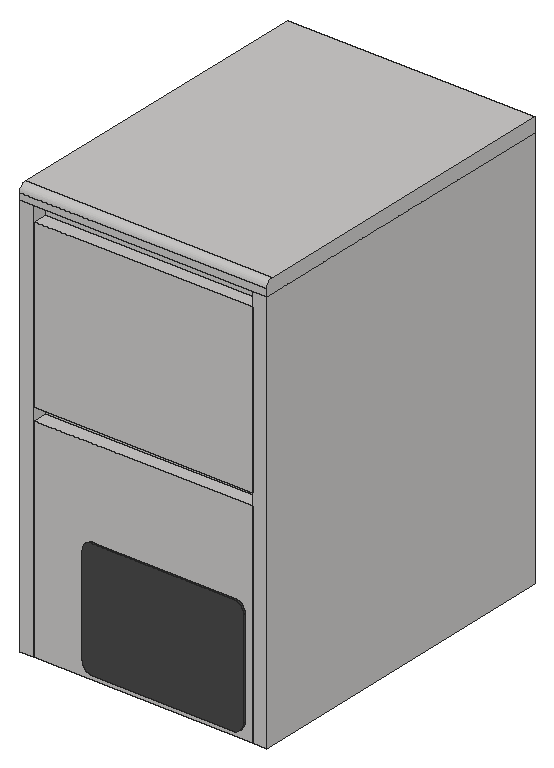
Revit family "QF_ZANUSSI_730300_ICA22I6SNP", category Attrezzature speciali, Revit 2018
Family settings
  Quota connettore circolare = Usa diametro
  Tipo di parte = Normale
  Basato su piano di lavoro = No
  Sempre verticale = Sì
  Taglio con vuoti quando caricato = No
  Condiviso = No
  Punto di calcolo locali = No
Parameters (values of type "Standard")
  Weight = 32.00 kg
  Watts = 1000 W
  Volts = 220 V
  URL Manufacturer = "http://www.zanussiprofessional.com"
  URL = "http://www.zanussiprofessional.com"
  Steam Supply Size = 0 mm
  Steam Supply Minimum Pressure = 0.0 Pa
  Steam Supply Maximum Pressure = 0.0 Pa
  Steam Pounds per Hour = 0
  Show Logo [instance] = yes
  Show Clearance [instance] = yes
  Refrigeration Suction Line Size = 0 mm
  Refrigeration Liquid Line Size = 0 mm
  Refrigerant Compressor Remote = yes
  Produttore = "Zanussi"
  Phase = 1
  Modello = "ICA22I6SNP"
  Length Actual = 350 mm  # constant formula
  Item Number = "730300"
  Hot Water Size = 0 mm
  Height Actual = 601 mm  # constant formula
  HP = "1.3 HP"
  Gas Size = 0 mm
  Gas KW = 0
  Gas Input Pressure = 0 W
  Descrizione = "AIR COOLED ICE CUBER 14GR 22KG/24H-BIN 6KG"
  Depth Actual = 475 mm  # constant formula
  Cycle = 50 Hz
  Condensate Return Size = 0 mm
  Compressed Air Volume = 0.0 L/s
  Compressed Air Size = 0 mm
  Compressed Air Pressure = 0.0 Pa
  Cold Water Size = 19.05 mm
  Accessory = yes
Reference planes
  plane 1 "Center X": y = 272.851
  plane 2: z = 0
  plane 3 "Center Y": x = -501.5
  plane 4 "LEFT": x = -676.5
  plane 5 "RIGHT": x = -326.5
  plane 6 "FRONT": y = 35.351
  plane 7 "BACK": y = 510.351
  plane 8: z = 593
  plane 9: z = 573
  plane 10: x = -656.5
  plane 11: x = -346.5
  plane 12: y = 75.351
Forms (mm)
  Extrusion 1, solid, material "QF_Finishes_Black"
    sketch origin (-202.5, 35.351, 229.513) x (-1, 0, 0) y (0, 0, -1)
      loop
        arc (369, 54.513) -> (379.607, 58.907) -> (384, 69.513) r 15
        line (384, 69.513) -> (384, 207.469)
        arc (384, 207.469) -> (379.607, 218.075) -> (369, 222.469) r 15
        line (369, 222.469) -> (169.884, 222.469)
        arc (169.884, 222.469) -> (159.277, 218.075) -> (154.884, 207.469) r 15
        line (154.884, 207.469) -> (154.884, 69.513)
        arc (154.884, 69.513) -> (159.277, 58.907) -> (169.884, 54.513) r 15
        line (169.884, 54.513) -> (369, 54.513)
    from 0 to 2
  Extrusion 2, solid, material "QF_Finishes_Stainless Steel"
    sketch origin (-501.5, 0, 0) x (0, 1, 0) y (0, 0, 1)
      loop
        line (510.351, 573) -> (510.351, 593) -> (45.351, 593)
        arc (45.351, 593) -> (38.28, 590.071) -> (35.351, 583) r 10
        line (35.351, 583) -> (35.351, 573) -> (510.351, 573)
    from -175 to 175
  Extrusion 3, solid, material "QF_Finishes_Stainless Steel"
    sketch origin (-246.7, 510.351, -335.545) x (1, 0, 0) y (0, 0, -1)
      loop
        circle (-131.8, -500.545) r 10
    from 0 to 10
  Extrusion 4, solid, material "QF_Finishes_Stainless Steel"
    sketch origin (0, 0, 0) x (1, 0, 0) y (0, 1, 0)
      loop
        line (-676.5, 510.351) -> (-676.5, 35.351) -> (-656.5, 35.351) -> (-656.5, 510.351) -> (-676.5, 510.351)
    from 0 to 573
  Extrusion 5, solid, material "QF_Finishes_Stainless Steel"
    sketch origin (0, 0, 0) x (1, 0, 0) y (0, 1, 0)
      loop
        line (-346.5, 510.351) -> (-346.5, 35.351) -> (-326.5, 35.351) -> (-326.5, 510.351) -> (-346.5, 510.351)
    from 0 to 573
  Extrusion 6, solid, material "QF_Finishes_Stainless Steel"
    sketch origin (0, 0, 0) x (1, 0, 0) y (0, 1, 0)
      loop
        line (-656.5, 510.351) -> (-656.5, 75.351) -> (-346.5, 75.351) -> (-346.5, 510.351) -> (-656.5, 510.351)
    from 0 to 573
  Extrusion 7, solid, material "QF_Finishes_Stainless Steel"
    sketch origin (0, 0, 0) x (1, 0, 0) y (0, 1, 0)
      loop
        line (-656.5, 35.351) -> (-346.5, 35.351) -> (-346.5, 75.351) -> (-656.5, 75.351) -> (-656.5, 35.351)
    from 0 to 300.513
  Extrusion 8, solid, material "QF_Finishes_Stainless Steel"
    sketch origin (-501.5, 0, 0) x (0, 1, 0) y (0, 0, 1)
      loop
        line (75.351, 573) -> (55.351, 573) -> (55.351, 553) -> (35.351, 553) -> (35.351, 317.827) -> (55.351, 317.827) -> (55.351, 300.513) -> (75.351, 300.513) -> (75.351, 573)
    from -155 to 155
  Extrusion 9, solid, material "QF_Finishes_Stainless Steel"
    sketch origin (-238.7, 510.351, -454.545) x (1, 0, 0) y (0, 0, -1)
      loop
        circle (-131.8, -500.545) r 10
    from 0 to 10
  Extrusion 10, solid, material "QF_Finishes_Stainless Steel"
    sketch origin (-238.7, 510.351, -414.545) x (1, 0, 0) y (0, 0, -1)
      loop
        circle (-131.8, -500.545) r 10
    from 0 to 10
Lines and regions (mm)
  Split face 1
    outline origin (-656.5, 35.351, 0) x (1, 0, 0) y (0, 0, 1)
      loop
        line (12.141, 175) -> (12.141, 147.424) -> (57.141, 147.424) -> (57.141, 175) -> (12.141, 175)
  symbolic lines
    curve 1: line (-676.5, 510.351, 0) -> (-326.5, 510.351, 0)
    curve 2: line (-676.5, 35.351, 0) -> (-676.5, 510.351, 0)
    curve 3: line (-326.5, 35.351, 0) -> (-676.5, 35.351, 0)
    curve 4: line (-326.5, 510.351, 0) -> (-326.5, 35.351, 0)
Dimensions and locks
  equal spacing: plane 4 "LEFT", plane 3 "Center Y", plane 5 "RIGHT"
  plane 4 "LEFT" to plane 5 "RIGHT" = 350 mm
  equal spacing: plane 7 "BACK", plane 1 "Center X", plane 6 "FRONT"
  plane 7 "BACK" to plane 6 "FRONT" = 475 mm
  plane 8 to plane 2 = 593 mm
  locked: plane 4 "LEFT" to plane 10 at 20
  locked: plane 11 to plane 5 "RIGHT" at 20
  locked: plane 8 to plane 9 at 20
  locked: plane 12 to plane 6 "FRONT" at 40
  aligned and locked: level to plane 2
  aligned and locked: plane 5 "RIGHT" to Extrusion 2
  aligned and locked: Extrusion 2 to plane 4 "LEFT"
  aligned and locked: Extrusion 4 sketch curve to Extrusion 2  (x2)
  aligned and locked: plane 6 "FRONT" to Extrusion 4 sketch curve
  aligned and locked: Extrusion 4 sketch curve to plane 10
  aligned and locked: Extrusion 5 sketch curve to plane 7 "BACK"
  aligned and locked: plane 11 to Extrusion 5 sketch curve
  aligned and locked: Extrusion 5 sketch curve to Extrusion 2  (x2)
  aligned and locked: plane 9 to Extrusion 4
  aligned and locked: plane 9 to Extrusion 5
  aligned and locked: Extrusion 6 sketch curve to Extrusion 4
  aligned and locked: Extrusion 4 to Extrusion 6 sketch curve
  aligned and locked: plane 12 to Extrusion 6 sketch curve
  aligned and locked: Extrusion 6 sketch curve to plane 11
  aligned and locked: plane 9 to Extrusion 6
  aligned and locked: Extrusion 4 to Extrusion 7 sketch curve
  aligned and locked: Extrusion 7 sketch curve to Extrusion 4
  aligned and locked: plane 12 to Extrusion 7 sketch curve
  aligned and locked: plane 11 to Extrusion 7 sketch curve
  aligned and locked: plane 11 to Extrusion 8
  aligned and locked: Extrusion 8 to plane 10
Automatic sketch dimensions
  curve 3 to plane 4 "LEFT" = 0 mm
  curve 3 to plane 5 "RIGHT" = 0 mm
  curve 3 to plane 6 "FRONT" = 0 mm
  curve 2 to plane 7 "BACK" = 0 mm
  Extrusion 1 sketch curve to plane 11 = 10.884 mm
  Extrusion 1 sketch curve to Extrusion 1 sketch curve = 15 mm  (x3)
  plane 10 to Extrusion 1 sketch curve = 85 mm  (x2)
  Extrusion 1 sketch curve to Extrusion 1 sketch curve = 137.956 mm
  Extrusion 2 sketch curve to plane 6 "FRONT" = 0 mm
  Extrusion 2 sketch curve to plane 8 = 0 mm
  Extrusion 2 sketch curve to plane 7 "BACK" = 0 mm
  Extrusion 2 sketch curve to plane 9 = 0 mm
  plane 6 "FRONT" to Extrusion 2 sketch curve = 10 mm
  Extrusion 6 to Extrusion 3 sketch curve = 165 mm
  Extrusion 3 sketch curve to Extrusion 6 = 32 mm
  Extrusion 8 sketch curve to plane 6 "FRONT" = 0 mm
  Extrusion 8 sketch curve to plane 9 = 0 mm
  Extrusion 8 sketch curve to plane 12 = 0 mm
  plane 6 "FRONT" to Extrusion 8 sketch curve = 20 mm  (x2)
  Extrusion 8 sketch curve to plane 9 = 20 mm
  Extrusion 8 sketch curve to Extrusion 8 sketch curve = 235.173 mm
  Extrusion 8 sketch curve to Extrusion 8 sketch curve = 17.313 mm
  Extrusion 9 sketch curve to Extrusion 6 = 24 mm
  Extrusion 6 to Extrusion 9 sketch curve = 46 mm
  Extrusion 10 sketch curve to Extrusion 6 = 24 mm
  Extrusion 6 to Extrusion 10 sketch curve = 86 mm
  level to Extrusion 1 sketch curve = 175 mm
  Split face 1 sketch curve to Extrusion 7 = 12.141 mm
  Split face 1 sketch curve to Split face 1 sketch curve = 45 mm
  Split face 1 sketch curve to Extrusion 7 = 147.424 mm
  Split face 1 sketch curve to Split face 1 sketch curve = 27.576 mm
  radius of Extrusion 3 sketch curve = 10 mm
  radius of Extrusion 9 sketch curve = 10 mm
  radius of Extrusion 10 sketch curve = 10 mm
Connectors
  electrical at (-370.5, 520.351, 46), driven by "Volts"
    settings: on Extrusion 9, index 1, voltage 220 V, apparent load 0 VA, apparent load phase1 0 VA, apparent load phase2 0 VA, apparent load phase3 0 VA, power factor 1, load classification "Altro", number of poles 1, system type 30, power factor state 1, is connector primary yes, connector utility no, sub classification motor no, connector description "Electrical Connection"
  piping at (-378.5, 520.351, 165), diameter 20
    settings: on Extrusion 3, index 2, connector inside diameter 609.6 mm, connector length 0 mm, flow factor 0, pipe flow 0.0 L/s, pressure drop 0.0 Pa, fitting loss kfactor 0, connector angle 0.00°, fixture units 0, engagement length 0 mm, angle of deflection 0.00°, flow configuration 0, flow direction 0, fitting loss method 0, system type 20, joint type 0, gender type 0, connector reference index -1, connector utility 0, adjustable connector no, is connector primary yes, connector description "Cold water"
  piping at (-370.5, 520.351, 86), diameter 20
    settings: on Extrusion 10, index 3, connector inside diameter 609.6 mm, connector length 0 mm, flow factor 0, pipe flow 0.0 L/s, pressure drop 0.0 Pa, fitting loss kfactor 0, connector angle 0.00°, fixture units 0, engagement length 0 mm, angle of deflection 0.00°, flow configuration 0, flow direction 0, fitting loss method 0, system type 16, joint type 0, gender type 0, connector reference index -1, connector utility 0, adjustable connector no, is connector primary no, connector description "Drain"
